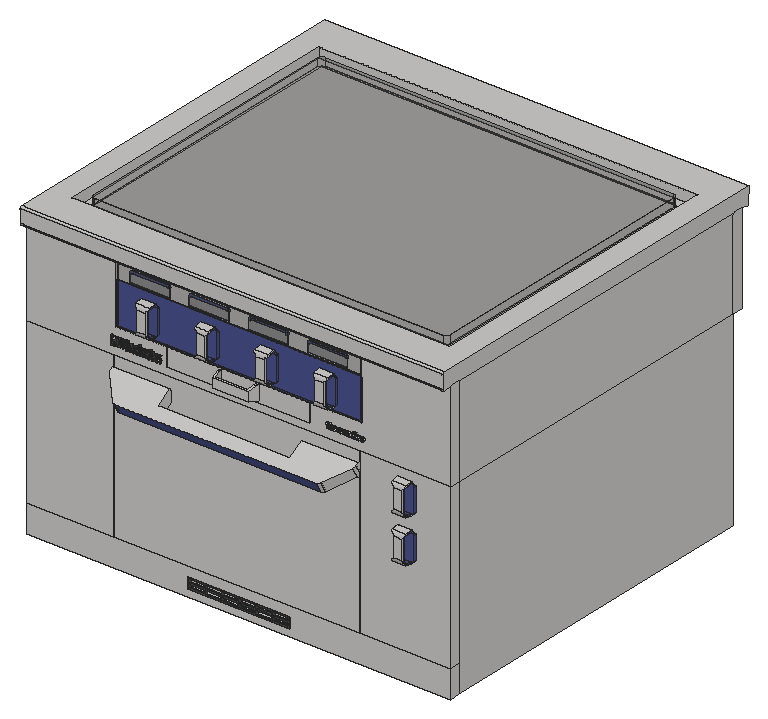
Revit family "QF_ELECTROLUXPROFESSIONAL_589652_MCLMEAJ8AO", category Attrezzature speciali, Revit 2020
Family settings
  Quota connettore circolare = Usa diametro
  Tipo di parte = Normale
  Basato su piano di lavoro = No
  Sempre verticale = Sì
  Taglio con vuoti quando caricato = No
  Condiviso = No
  Punto di calcolo locali = No
Parameters (values of type "Standard")
  Weight = 258.00 kg
  Watts = 21300 W
  Volts = 400 V
  URL Manufacturer = "https://www.electroluxprofessional.com/"
  URL = "https://www.electroluxprofessional.com/"
  Steam Supply Size = 0"
  Steam Supply Minimum Pressure = 0.00 psi
  Steam Supply Maximum Pressure = 0.00 psi
  Steam Consumption per Hour = 0
  Refrigeration Suction Line Size = 0 mm
  Refrigeration Liquid Line Size = 0 mm
  Refrigerant Compressor Remote = yes
  Prospetto di default = 0 mm
  Phase = 3
  Modello = "MCLMEAJ8AO"
  Produttore = "Electrolux Professional"
  Length Actual = 1000 mm  # constant formula
  Item Number = "589652"
  Hot Water Size = 0"
  Height Actual = 700 mm  # constant formula
  HP = "28.6 HP"
  Gas Size = 0"
  Gas KW = 0
  Gas Input Pressure = 0.0 Btu/h
  Direct Waste Size = 0"
  Descrizione = "EL.SOLID T,ECO,ST.OV,1S,1000X900X700H"
  Depth Actual = 900 mm  # constant formula
  Cycle = 50 Hz
  Condensate Return Size = 0"
  Compressed Air Volume = 0 GPM
  Compressed Air Size = 0"
  Compressed Air Pressure = 0.00 psi
  Cold Water Size = 0"
  Accessory = yes
Reference planes
  plane 1 "BACK": y = 0
  plane 2: z = 0
  plane 3 "LEFT": x = -100
  plane 4 "RIGHT": x = 900
  plane 5 "FRONT": y = -900
  plane 6 "TOP": z = 900
  plane 7 "Center (Left/Right)": x = 400
  plane 8: y = -450
  plane 9: z = 200
  plane 10: y = -150
  plane 11 "Panel": y = -855
  plane 12: z = 798
  plane 13: z = 1327
  plane 14: x = -22
  plane 15: x = 822
  plane 16: y = -150
  plane 17: y = -650
  plane 18 "EIx": x = 855
  plane 19 "EIy": y = -685
  plane 20: y = -880
Forms (mm)
  Extrusion 1, solid, material "QF_Finishes_Stainless Steel"
    sketch origin (-178.969, -4572, 200) x (-1, 0, 0) y (0, -1, 0)
      loop
        line (-78.969, -4527) -> (-78.969, -3717) -> (-1078.969, -3717) -> (-1078.969, -4527) -> (-78.969, -4527)
    from 450 to 663
  Extrusion 2, solid, material "QF_Finishes_Stainless Steel"
    sketch origin (-100, 0, 0) x (0, 1, 0) y (0, 0, 1)
      loop
        line (-855, 200) -> (-855, 265) -> (-880, 265) -> (-880, 200) -> (-855, 200)
    from 0 to 1000
  Extrusion 3, solid, material "QF_Finishes_Stainless Steel"
    sketch origin (-488.969, -4662, 200) x (-1, 0, 0) y (0, -1, 0)
      loop
        circle (-1343.969, -3977) r 6.35
    from 0 to -11.851
  Extrusion 4, solid, material "QF_Finishes_Stainless Steel"
    sketch origin (400, 296.4, 1219.2) x (0, 1, 0) y (0, 0, 1)
      loop
        line (-296.4, -319.2) -> (-1191.4, -319.2)
        arc (-1191.4, -319.2) -> (-1194.935, -320.664) -> (-1196.4, -324.2) r 5
        line (-1196.4, -324.2) -> (-1196.4, -355.2)
        arc (-1196.4, -355.2) -> (-1194.971, -358.264) -> (-1191.705, -359.139) r 4
        line (-1191.705, -359.139) -> (-1176.4, -356.231) -> (-316.4, -356.231) -> (-301.094, -359.139)
        arc (-301.094, -359.139) -> (-297.829, -358.264) -> (-296.4, -355.2) r 4
        line (-296.4, -355.2) -> (-296.4, -319.2)
    from -500 to 500
  Extrusion 5, solid, material "QF_Finishes_Electrolux_Black Smoke Iluminated"
    sketch origin (0, 0, 900) x (-1, 0, 0) y (0, -1, 0)
      loop
        arc (12, 109) -> (19.071, 111.929) -> (22, 119) r 10
        line (22, 119) -> (22, 780)
        arc (22, 780) -> (19.071, 787.071) -> (12, 790) r 10
        line (12, 790) -> (-812, 790)
        arc (-812, 790) -> (-819.071, 787.071) -> (-822, 780) r 10
        line (-822, 780) -> (-822, 119)
        arc (-822, 119) -> (-819.071, 111.929) -> (-812, 109) r 10
        line (-812, 109) -> (12, 109)
    from 0 to -20
  Extrusion 6, solid, material "QF_Finishes_Stainless Steel"
    sketch origin (-178.969, -4572, 200) x (-1, 0, 0) y (0, -1, 0)
      loop
        line (-78.969, -4527) -> (-78.969, -3717) -> (-1078.969, -3717) -> (-1078.969, -4527) -> (-78.969, -4527)
    from 450 to 0
  Extrusion 7, void
    sketch origin (0, -855, 0) x (-1, 0, 0) y (0, 0, 1)
      loop
        line (-520, 216.594) -> (-280, 216.594) -> (-280, 241.594) -> (-520, 241.594) -> (-520, 216.594)
    from 0 to -25
  Extrusion 8, solid, material "QF_Finishes_Black"
    sketch origin (0, -855, 0) x (-1, 0, 0) y (0, 0, 1)
      loop
        line (-280, 241.594) -> (-520, 241.594) -> (-520, 216.594) -> (-280, 216.594) -> (-280, 241.594)
      loop
        line (-282, 239.594) -> (-319.131, 239.594) -> (-319.131, 230.094) -> (-282, 230.094) -> (-282, 239.594)
      loop
        line (-282, 218.594) -> (-282, 228.094) -> (-319.131, 228.094) -> (-319.131, 218.594) -> (-282, 218.594)
      loop
        line (-321.131, 239.594) -> (-359.066, 239.594) -> (-359.066, 230.094) -> (-321.131, 230.094) -> (-321.131, 239.594)
      loop
        line (-399, 239.594) -> (-399, 230.094) -> (-361.066, 230.094) -> (-361.066, 239.594) -> (-399, 239.594)
      loop
        line (-401, 239.594) -> (-438.934, 239.594) -> (-438.934, 230.094) -> (-401, 230.094) -> (-401, 239.594)
      loop
        line (-359.066, 218.594) -> (-321.131, 218.594) -> (-321.131, 228.094) -> (-359.066, 228.094) -> (-359.066, 218.594)
      loop
        line (-361.066, 218.594) -> (-361.066, 228.094) -> (-399, 228.094) -> (-399, 218.594) -> (-361.066, 218.594)
      loop
        line (-401, 228.094) -> (-438.934, 228.094) -> (-438.934, 218.594) -> (-401, 218.594) -> (-401, 228.094)
      loop
        line (-518, 239.594) -> (-518, 230.094) -> (-480.869, 230.094) -> (-480.869, 239.594) -> (-518, 239.594)
      loop
        line (-518, 218.594) -> (-480.869, 218.594) -> (-480.869, 228.094) -> (-518, 228.094) -> (-518, 218.594)
      loop
        line (-478.869, 239.594) -> (-478.869, 230.094) -> (-440.934, 230.094) -> (-440.934, 239.594) -> (-478.869, 239.594)
      loop
        line (-440.934, 218.594) -> (-440.934, 228.094) -> (-478.869, 228.094) -> (-478.869, 218.594) -> (-440.934, 218.594)
    from -25.03 to -20
  Extrusion 9, void
    sketch origin (0, 0, 900) x (-1, 0, 0) y (0, -1, 0)
      loop
        line (47, 815) -> (-847, 815) -> (-847, 84) -> (47, 84) -> (47, 815)
    from 0 to -25
  Extrusion 10, solid, material "QF_Finishes_Stainless Steel"
    sketch origin (0, 0, 900) x (-1, 0, 0) y (0, -1, 0)
      loop
        line (18, 113) -> (18, 786) -> (-818, 786) -> (-818, 113) -> (18, 113)
    from -20 to -25
  Extrusion 11, solid, material "QF_Finishes_Stainless Steel"
    sketch origin (400, 296.4, 1219.169) x (0, 1, 0) y (0, 0, 1)
      loop
        line (-341.4, -356.2) -> (-341.4, -569.2) -> (-316.4, -569.2) -> (-316.4, -356.2) -> (-341.4, -356.2)
    from -500 to 500
Cuts and joins
  Extrusion 7 cuts Extrusion 6
  Extrusion 7 cuts Extrusion 2
  Extrusion 9 cuts Extrusion 4
Lines and regions (mm)
  symbolic lines
    curve 1: line (-100, 0, 200) -> (900, 0, 200)
    curve 2: line (-100, -900, 200) -> (-100, 0, 200)
    curve 3: line (900, -900, 200) -> (-100, -900, 200)
    curve 4: line (900, 0, 200) -> (900, -900, 200)
    curve 5: line (812, -109, 200) -> (-12, -109, 200)
    curve 6: line (-22, -119, 200) -> (-22, -780, 200)
    curve 7: line (-12, -790, 200) -> (812, -790, 200)
    curve 8: line (822, -780, 200) -> (822, -119, 200)
    curve 9: arc (-12, -109, 200) -> (-19.071, -111.929, 200) -> (-22, -119, 200) r 10
    curve 10: arc (822, -119, 200) -> (819.071, -111.929, 200) -> (812, -109, 200) r 10
    curve 11: arc (812, -790, 200) -> (819.071, -787.071, 200) -> (822, -780, 200) r 10
    curve 12: arc (-22, -780, 200) -> (-19.071, -787.071, 200) -> (-12, -790, 200) r 10
    curve 13: line (847, -84, 900) -> (-47, -84, 900)
    curve 14: line (-47, -84, 900) -> (-47, -815, 900)
    curve 15: line (847, -815, 900) -> (847, -84, 900)
    curve 16: line (-47, -815, 900) -> (847, -815, 900)
  model lines, style "SpecialityEquipment"
    curve 17: arc (634, -211, 900) -> (580.967, -339.033, 900) -> (709, -286, 900) r 75
    curve 18: line (689, -286, 900) -> (729, -286, 900)
    curve 19: line (729, -286, 900) -> (709, -266, 900)
    curve 20: line (689, -286, 900) -> (709, -266, 900)
    curve 21: arc (166, -211, 900) -> (112.967, -339.033, 900) -> (241, -286, 900) r 75
    curve 22: line (221, -286, 900) -> (261, -286, 900)
    curve 23: line (261, -286, 900) -> (241, -266, 900)
    curve 24: line (221, -286, 900) -> (241, -266, 900)
    curve 25: arc (634, -539, 900) -> (580.967, -667.033, 900) -> (709, -614, 900) r 75
    curve 26: line (689, -614, 900) -> (729, -614, 900)
    curve 27: line (729, -614, 900) -> (709, -594, 900)
    curve 28: line (689, -614, 900) -> (709, -594, 900)
    curve 29: arc (166, -539, 900) -> (112.967, -667.033, 900) -> (241, -614, 900) r 75
    curve 30: line (221, -614, 900) -> (261, -614, 900)
    curve 31: line (261, -614, 900) -> (241, -594, 900)
    curve 32: line (221, -614, 900) -> (241, -594, 900)
Dimensions and locks
  plane 3 "LEFT" to plane 4 "RIGHT" = 1000 mm
  plane 5 "FRONT" to plane 1 "BACK" = 900 mm
  plane 3 "LEFT" to plane 7 "Center (Left/Right)" to plane 4 "RIGHT" = 500 mm, 500 mm
  equal spacing: plane 5 "FRONT", plane 8, plane 1 "BACK"
  plane 6 "TOP" to level = 900 mm  (x2)
  plane 9 to level = 200 mm
  plane 1 "BACK" to plane 10 to plane 11 "Panel" = 150 mm, 705 mm  (x2)
  plane 6 "TOP" to plane 9 to level = 700 mm, 200 mm
  plane 1 "BACK" to plane 5 "FRONT" = 900 mm
  plane 1 "BACK" to Extrusion 3 = 685 mm
  plane 12 to plane 9 = 598 mm
  plane 13 to plane 6 "TOP" = 427 mm
  plane 6 "TOP" to plane 12 = 102 mm
  plane 14 to plane 3 "LEFT" = 78 mm
  plane 15 to plane 4 "RIGHT" = 78 mm
  locked: plane 1 "BACK" to plane 16 at 150
  locked: plane 16 to plane 17 at 500
  plane 11 "Panel" to plane 5 "FRONT" = 45 mm
  plane 18 "EIx" to plane 4 "RIGHT" = 45 mm
  plane 19 "EIy" to plane 1 "BACK" = 685 mm
  locked: plane 11 "Panel" to plane 20 at 25
  aligned and locked: level to plane 2
  aligned and locked: Extrusion 2 to plane 4 "RIGHT"
  aligned and locked: cut or joined group of Extrusion 4, Extrusion 9 to plane 3 "LEFT"
  aligned and locked: cut or joined group of Extrusion 4, Extrusion 9 to plane 4 "RIGHT"
  aligned and locked: cut or joined group of Extrusion 6, Extrusion 7 to plane 4 "RIGHT"
  aligned and locked: cut or joined group of Extrusion 6, Extrusion 7 to plane 3 "LEFT"
  aligned and locked: nested 1 to plane 11 "Panel"
  aligned and locked: nested 4 to plane 11 "Panel"
  aligned and locked: Extrusion 1 to plane 11 "Panel"
  aligned and locked: plane 11 "Panel" to cut or joined group of Extrusion 2, Extrusion 7
  aligned and locked: nested 2 to plane 20
  aligned and locked: nested 3 to plane 20
  aligned and locked: Extrusion 11 to plane 4 "RIGHT"
  aligned and locked: Extrusion 1 to plane 3 "LEFT"
  aligned and locked: Extrusion 11 to plane 3 "LEFT"
  aligned and locked: Extrusion 1 to plane 4 "RIGHT"
  aligned and locked: plane 3 "LEFT" to nested 1
Automatic sketch dimensions
  Extrusion 1 sketch curve to plane 4 "RIGHT" = 0 mm
  Extrusion 1 sketch curve to plane 3 "LEFT" = 0 mm
  Extrusion 1 sketch curve to plane 11 "Panel" = 0 mm
  plane 1 "BACK" to Extrusion 1 sketch curve = 45 mm
  Extrusion 2 sketch curve to plane 9 = 0 mm
  Extrusion 2 sketch curve to plane 20 = 0 mm
  Extrusion 2 sketch curve to plane 11 "Panel" = 0 mm
  plane 9 to Extrusion 2 sketch curve = 65 mm
  plane 1 "BACK" to curve 1 = 0 mm
  curve 1 to plane 4 "RIGHT" = 0 mm
  curve 8 to plane 15 = 0 mm
  curve 6 to plane 14 = 0 mm
  curve 2 to plane 3 "LEFT" = 0 mm
  plane 5 "FRONT" to curve 3 = 0 mm
  plane 15 to curve 5 = 10 mm
  plane 15 to curve 11 = 10 mm
  curve 5 to plane 14 = 10 mm
  curve 12 to curve 12 = 10 mm
  plane 10 to curve 5 = 41 mm
  plane 11 "Panel" to curve 11 = 75 mm
  Extrusion 3 sketch curve to plane 18 "EIx" = 0 mm
  Extrusion 3 sketch curve to plane 19 "EIy" = 0 mm
  Extrusion 4 sketch curve to plane 5 "FRONT" = 0 mm
  Extrusion 4 sketch curve to plane 6 "TOP" = 0 mm
  Extrusion 4 sketch curve to plane 20 = 0 mm
  Extrusion 4 sketch curve to plane 1 "BACK" = 0 mm
  Extrusion 4 sketch curve to Extrusion 4 sketch curve = 4 mm
  Extrusion 4 sketch curve to Extrusion 4 sketch curve = 0.695 mm
  Extrusion 4 sketch curve to plane 5 "FRONT" = 5 mm
  plane 1 "BACK" to Extrusion 4 sketch curve = 20 mm
  plane 1 "BACK" to Extrusion 4 sketch curve = 4.695 mm
  plane 1 "BACK" to Extrusion 4 sketch curve = 4 mm
  Extrusion 4 sketch curve to Extrusion 4 sketch curve = 31 mm
  Extrusion 4 sketch curve to Extrusion 4 sketch curve = 36 mm
  Extrusion 4 sketch curve to Extrusion 4 sketch curve = 2.909 mm
  Extrusion 5 sketch curve to plane 15 = 0 mm
  Extrusion 5 sketch curve to plane 14 = 0 mm
  plane 15 to Extrusion 5 sketch curve = 10 mm  (x2)
  Extrusion 5 sketch curve to Extrusion 5 sketch curve = 10 mm  (x2)
  plane 10 to Extrusion 5 sketch curve = 41 mm
  plane 11 "Panel" to Extrusion 5 sketch curve = 75 mm
  Extrusion 6 sketch curve to plane 4 "RIGHT" = 0 mm
  Extrusion 6 sketch curve to plane 3 "LEFT" = 0 mm
  Extrusion 6 sketch curve to plane 11 "Panel" = 0 mm
  plane 1 "BACK" to Extrusion 6 sketch curve = 45 mm
  plane 9 to Extrusion 7 sketch curve = 41.594 mm
  plane 7 "Center (Left/Right)" to Extrusion 7 sketch curve = 120 mm
  Extrusion 7 sketch curve to plane 7 "Center (Left/Right)" = 120 mm
  plane 9 to Extrusion 7 sketch curve = 16.594 mm
  plane 9 to Extrusion 8 sketch curve = 41.594 mm
  plane 7 "Center (Left/Right)" to Extrusion 8 sketch curve = 120 mm
  Extrusion 8 sketch curve to Extrusion 8 sketch curve = 2 mm  (x15)
  Extrusion 8 sketch curve to Extrusion 8 sketch curve = 0 mm  (x16)
  Extrusion 8 sketch curve to Extrusion 8 sketch curve = 37.131 mm  (x2)
  Extrusion 8 sketch curve to Extrusion 8 sketch curve = 37.934 mm  (x3)
  plane 7 "Center (Left/Right)" to Extrusion 8 sketch curve = 1 mm  (x2)
  Extrusion 8 sketch curve to plane 7 "Center (Left/Right)" = 1 mm  (x2)
  plane 9 to Extrusion 8 sketch curve = 18.594 mm  (x4)
  Extrusion 8 sketch curve to Extrusion 8 sketch curve = 9.5 mm  (x6)
  plane 18 "EIx" to Extrusion 9 sketch curve = 8 mm
  plane 14 to Extrusion 9 sketch curve = 25 mm
  plane 10 to Extrusion 9 sketch curve = 66 mm
  plane 11 "Panel" to Extrusion 9 sketch curve = 40 mm
  plane 15 to Extrusion 10 sketch curve = 4 mm
  Extrusion 10 sketch curve to plane 14 = 4 mm
  plane 10 to Extrusion 10 sketch curve = 37 mm
  plane 11 "Panel" to Extrusion 10 sketch curve = 69 mm
  plane 18 "EIx" to curve 16 = 8 mm
  plane 15 to curve 19 = 93 mm
  curve 27 to plane 17 = 36 mm
  plane 15 to curve 27 = 93 mm
  curve 26 to curve 27 = 20 mm
  curve 18 to curve 20 = 20 mm
  curve 19 to curve 20 = 20 mm
  curve 28 to curve 26 = 20 mm
  curve 18 to curve 17 = 55 mm
  curve 26 to curve 25 = 55 mm
  curve 31 to plane 17 = 36 mm
  curve 31 to plane 7 "Center (Left/Right)" = 139 mm
  curve 23 to plane 7 "Center (Left/Right)" = 139 mm
  curve 22 to curve 24 = 20 mm
  curve 30 to curve 31 = 20 mm
  curve 32 to curve 32 = 20 mm
  curve 23 to curve 24 = 20 mm
  curve 22 to curve 21 = 55 mm
  curve 30 to curve 29 = 55 mm
  plane 14 to curve 14 = 25 mm
  curve 22 to plane 10 = 136 mm
  curve 18 to plane 10 = 136 mm
  plane 10 to curve 13 = 66 mm
  plane 11 "Panel" to curve 15 = 40 mm
  curve 25 to curve 26 = 20 mm
  curve 17 to curve 18 = 20 mm
  curve 29 to curve 30 = 20 mm
  curve 21 to curve 22 = 20 mm
  plane 1 "BACK" to Extrusion 11 sketch curve = 45 mm
  plane 1 "BACK" to Extrusion 11 sketch curve = 20 mm
  Extrusion 11 sketch curve to plane 12 = 148.031 mm
  Extrusion 11 sketch curve to plane 6 "TOP" = 37.031 mm
  radius of Extrusion 3 sketch curve = 6.35 mm
Nested families
  nested 1: "Door_Panel_W1000_A" at (400, -855, 0), type "Door_Panel_W1000_A"
  nested 2: "FIT Range Control Handle" at (795, -883.137, -372.751), type "FIT Range Control Handle"
  nested 3: "FIT Range Control Handle" at (795, -883.137, -474.751), type "FIT Range Control Handle"
  nested 4: "Front_Panel_W1000_Four Knobs" at (102.376, -855, 0), type "Front_Panel_W1000_Four Knobs"
Connectors
  electrical at (855, -685, 188.149)
    settings: on Extrusion 3, index 1, voltage 400 V, apparent load 33000 VA, apparent load phase1 0 VA, apparent load phase2 0 VA, apparent load phase3 0 VA, power factor 1, load classification "Other", number of poles 1, system type 30, power factor state 1, is connector primary yes, connector utility no, sub classification motor no, connector description "ELECTRICAL CONNECTION"
Definition of nested family "Door_Panel_W1000_A"
  Parameters
    Default Elevation = 0 mm
  Reference planes
    plane 1 "Center (Front/Back)": y = 0
    plane 2 "Ref. Level": z = 0
    plane 3: x = 500
    plane 4: x = -500
    plane 5 "Center (Left/Right)": x = 0
    plane 6: x = -295
    plane 7: x = 285
    plane 8 "Manopola": through (-6096, -50.059, 612.389) normal (0, -0.515, 0.8572)
    plane 9 "Top": z = 650
    plane 10: z = 265
    plane 11: z = 200
  Forms (mm)
    Extrusion 1, solid
      sketch origin (0, 0, 0) x (0, 1, 0) y (0, 0, 1)
        loop
          line (-25.03, 650) -> (-25.03, 265) -> (0, 265) -> (0, 650) -> (-25.03, 650)
      from 285 to 500
    Extrusion 2, solid
      sketch origin (0, 0, 0) x (0, 1, 0) y (0, 0, 1)
        loop
          line (-25.03, 650) -> (-25.03, 265) -> (0, 265) -> (0, 650) -> (-25.03, 650)
      from -500 to -295
    Extrusion 3, solid
      sketch origin (0, 0, 0) x (0, 1, 0) y (0, 0, 1)
        loop
          line (-25.03, 650) -> (-25.03, 265) -> (0, 265) -> (0, 650) -> (-25.03, 650)
      from -295 to 285
    Extrusion 4, solid
      sketch origin (0, -283.633, 472.044) x (0, 0.857167, 0.515038) y (-1, 0, 0)
        loop
          line (299.12, -285) -> (299.12, 295) -> (290.982, 295)
          arc (290.982, 295) -> (286.677, 294.026) -> (283.211, 291.293) r 10
          line (283.211, 291.293) -> (233.28, 250.86)
          arc (233.28, 250.86) -> (230.548, 247.394) -> (229.574, 243.089) r 10
          line (229.574, 243.089) -> (229.574, -233.089)
          arc (229.574, -233.089) -> (230.548, -237.394) -> (233.28, -240.86) r 10
          line (233.28, -240.86) -> (283.211, -281.293)
          arc (283.211, -281.293) -> (286.677, -284.026) -> (290.982, -285) r 10
          line (290.982, -285) -> (299.12, -285)
      from -27 to 0
    Extrusion 5, void
      sketch origin (0, 0, 0) x (0, 1, 0) y (0, 0, 1)
        loop
          line (-61.514, 605.507) -> (-47.608, 582.363) -> (-25.03, 595.93) -> (-25.03, 627.429) -> (-61.514, 605.507)
      from -160 to 150
    Extrusion 6, solid, detail levels coarse
      sketch origin (0, 0, 0) x (0, 1, 0) y (0, 0, 1)
        loop
          line (-25.03, 265) -> (-25.03, 650)
          arc (-25.03, 650) -> (-297.266, 537.236) -> (-410.03, 265) r 385
          line (-410.03, 265) -> (-25.03, 265)
      from -295 to 285
  Cuts and joins
    Extrusion 5 cuts Extrusion 4
    joined: Extrusion 3, Extrusion 4
  Lines and regions (mm)
    symbolic lines
      curve 1: line (-287.355, -45.043, 0) -> (-250.86, -83.673, 0)
      curve 2: line (-243.089, -86.85, 0) -> (233.089, -86.85, 0)
      curve 3: line (240.86, -83.673, 0) -> (277.355, -45.043, 0)
      curve 4: arc (-243.089, -86.85, 0) -> (-247.318, -86.101, 0) -> (-250.86, -83.673, 0) r 10.165
      curve 5: arc (233.089, -86.85, 0) -> (237.318, -86.101, 0) -> (240.86, -83.673, 0) r 10.165
      curve 6: line (-295, -45.043, 0) -> (-295, -410.03, 0)
      curve 7: line (-295, -410.03, 0) -> (285, -410.03, 0)
      curve 8: line (285, -410.03, 0) -> (285, -45.03, 0)
  Dimensions and locks
    plane 3 to plane 4 = 1000 mm
    plane 4 to plane 3 = 1000 mm
    equal spacing: plane 3, plane 5 "Center (Left/Right)", plane 4
    plane 6 to plane 4 = 205 mm
    plane 3 to plane 7 = 215 mm
    plane 11 to level = 200 mm
    plane 10 to plane 11 = 65 mm
    plane 10 to plane 9 "Top" = 385 mm
    plane 9 "Top" to plane 11 = 450 mm
    aligned and locked: plane 3 to Extrusion 1
    aligned and locked: cut or joined group of Extrusion 3, Extrusion 4, Extrusion 5 to plane 6
    aligned and locked: cut or joined group of Extrusion 3, Extrusion 4, Extrusion 5 to plane 7
    aligned and locked: plane 7 to Extrusion 1
    aligned and locked: plane 6 to Extrusion 2
    aligned and locked: Extrusion 2 to plane 4
    aligned and locked: plane 10 to Extrusion 2
    aligned and locked: plane 10 to cut or joined group of Extrusion 3, Extrusion 4, Extrusion 5
    aligned and locked: plane 10 to Extrusion 1
    aligned and locked: Extrusion 6 to plane 6
    aligned and locked: Extrusion 6 to plane 7
  Automatic sketch dimensions
    Extrusion 5 sketch curve to plane 8 "Manopola" = 0 mm  (x2)
    plane 1 "Center (Front/Back)" to Extrusion 5 sketch curve = 61.514 mm
    Extrusion 5 sketch curve to Extrusion 5 sketch curve = 13.906 mm
    plane 1 "Center (Front/Back)" to Extrusion 5 sketch curve = 25.03 mm
    Extrusion 4 sketch curve to plane 7 = 0 mm
    Extrusion 4 sketch curve to plane 6 = 0 mm
    plane 6 to Extrusion 4 sketch curve = 51.911 mm
    plane 7 to Extrusion 4 sketch curve = 44.14 mm
    Extrusion 4 sketch curve to Extrusion 4 sketch curve = 3.707 mm  (x2)
    plane 6 to Extrusion 4 sketch curve = 44.14 mm
    plane 7 to Extrusion 4 sketch curve = 3.707 mm
    Extrusion 4 sketch curve to Extrusion 4 sketch curve = 49.93 mm  (x2)
    plane 6 to Extrusion 4 sketch curve = 3.707 mm
    Extrusion 4 sketch curve to Extrusion 4 sketch curve = 7.771 mm  (x3)
    Extrusion 4 sketch curve to Extrusion 4 sketch curve = 8.138 mm
    Extrusion 2 sketch curve to plane 1 "Center (Front/Back)" = 0 mm
    Extrusion 3 sketch curve to plane 1 "Center (Front/Back)" = 0 mm
    Extrusion 1 sketch curve to plane 1 "Center (Front/Back)" = 0 mm
    Extrusion 2 sketch curve to plane 9 "Top" = 0 mm
    Extrusion 2 sketch curve to Extrusion 2 sketch curve = 25.03 mm
    Extrusion 3 sketch curve to plane 9 "Top" = 0 mm
    Extrusion 3 sketch curve to Extrusion 3 sketch curve = 25.03 mm
    Extrusion 1 sketch curve to plane 9 "Top" = 0 mm
    plane 1 "Center (Front/Back)" to Extrusion 1 sketch curve = 25.03 mm
    level to Extrusion 1 sketch curve = 265 mm
    level to Extrusion 2 sketch curve = 265 mm
    level to Extrusion 3 sketch curve = 265 mm
    plane 10 to Extrusion 6 sketch curve = 0 mm
    Extrusion 6 sketch curve to plane 9 "Top" = 0 mm
    plane 1 "Center (Front/Back)" to Extrusion 6 sketch curve = 25.03 mm
    curve 7 to plane 7 = 0 mm
    plane 6 to curve 1 = 44.14 mm
    curve 4 to curve 4 = 7.389 mm
    curve 4 to curve 2 = 7.771 mm
    plane 7 to curve 2 = 51.911 mm
    curve 2 to curve 5 = 0.382 mm
    curve 2 to curve 3 = 7.771 mm
    plane 1 "Center (Front/Back)" to curve 6 = 410.03 mm
    plane 1 "Center (Front/Back)" to curve 2 = 86.85 mm
    curve 2 to curve 3 = 3.177 mm
    curve 2 to curve 1 = 3.177 mm
    plane 7 to curve 3 = 7.645 mm
    plane 1 "Center (Front/Back)" to curve 3 = 45.043 mm
    curve 3 to curve 8 = 0.013 mm
    curve 7 to plane 6 = 0 mm
    curve 6 to curve 1 = 7.645 mm
    plane 1 "Center (Front/Back)" to curve 1 = 45.043 mm
    curve 6 to curve 1 = 0 mm
Definition of nested family "FIT Range Control Handle"
  Parameters
    Default Elevation = 0 mm
  Reference planes
    plane 1 "Center (Front/Back)": y = 0
    plane 2: z = 0
    plane 3 "Center (Left/Right)": x = 0
    plane 4: z = 971.092
    plane 5: y = -16.8
  Forms (mm)
    Extrusion 1, solid
      sketch origin (-746.28, 380.497, 208.931) x (-1, 0, 0) y (0, 0, 1)
        loop
          line (-770.101, 786.798) -> (-770.101, 731.649)
          arc (-770.101, 731.649) -> (-769.759, 730.563) -> (-768.855, 729.87) r 1.893
          line (-768.855, 729.87) -> (-763.474, 727.911) -> (-729.81, 727.911) -> (-724.428, 729.87)
          arc (-724.428, 729.87) -> (-723.525, 730.563) -> (-723.183, 731.649) r 1.893
          line (-723.183, 731.649) -> (-723.183, 786.798)
          arc (-723.183, 786.798) -> (-723.529, 787.894) -> (-724.44, 788.593) r 1.91
          line (-724.44, 788.593) -> (-729.683, 790.819) -> (-763.601, 790.819) -> (-768.844, 788.593)
          arc (-768.844, 788.593) -> (-769.755, 787.894) -> (-770.101, 786.798) r 1.91
      from -382.35 to -378.852
    Sweep 2, solid
      path origin (-746.788, 380.496, 208.091) x (0, -1, 0) y (0, 0, 1)
        loop
          line (379.775, 793.281) -> (395.661, 791.048)
          arc (395.661, 791.048) -> (397.781, 787.377) -> (398.517, 783.202) r 12.207
          line (398.517, 783.202) -> (398.517, 737.368)
          arc (398.517, 737.368) -> (397.781, 733.193) -> (395.661, 729.522) r 12.207
          line (395.661, 729.522) -> (379.775, 727.289)
      profile origin (-746.788, -7.222, 1000.256) x (0, -0.139173, 0.990268) y (-1, 0, 0)
        loop
          line (0.782, -763.123) -> (0.782, -730.907) -> (-1.322, -730.907) -> (-1.322, -763.123) -> (0.782, -763.123)
    Sweep 3, solid
      path origin (-746.788, 380.715, 207.832) x (0, -1, 0) y (0, 0, 1)
        loop
          line (380.478, 795.442) -> (397.218, 793.09)
          arc (397.218, 793.09) -> (399.929, 788.473) -> (400.871, 783.202) r 15.207
          line (400.871, 783.202) -> (400.871, 737.584)
          arc (400.871, 737.584) -> (399.914, 732.274) -> (397.164, 727.633) r 15.207
          line (397.164, 727.633) -> (380.601, 725.305)
      profile origin (-746.788, -8.132, 1002.099) x (0, -0.139173, 0.990268) y (-1, 0, 0)
        loop
          line (0.782, -763.123) -> (0.782, -730.907) -> (-1.322, -730.907) -> (-1.322, -763.123) -> (0.782, -763.123)
    Extrusion 4, void
      sketch origin (889.253, 220.666, 207.993) x (1, 0, 0) y (0, 0, 1)
        loop
          line (-943.038, 816.854) -> (-943.038, 703.686) -> (-899.466, 734.196) -> (-899.466, 786.344) -> (-943.038, 816.854)
      from 230.636 to 242.25
    Extrusion 5, void
      sketch origin (-888.8, 220.666, 207.993) x (-1, 0, 0) y (0, 0, -1)
        loop
          line (-943.038, -816.854) -> (-899.466, -786.344) -> (-899.466, -734.196) -> (-943.038, -703.686) -> (-943.038, -816.854)
      from 230.636 to 242.25
    Extrusion 6, solid
      sketch origin (0, 0, 0) x (1, 0, 0) y (0, 0, 1)
        loop
          circle (0, 971.092) r 7.736
      from -3.137 to -1.645
  Cuts and joins
    Extrusion 4, Extrusion 5 cuts Sweep 3
    Extrusion 4, Extrusion 5 cuts Sweep 2
    joined: Extrusion 1, Extrusion 6
  Lines and regions (mm)
    symbolic lines
      curve 1: line (-15.881, -19.189, 0) -> (-15.881, -16.8, 0)
      curve 2: line (16.334, -19.189, 0) -> (16.334, -16.8, 0)
      curve 3: spline (-15.881, -19.189, 0) -> (-15.417, -19.349, 0) -> (-14.951, -19.501, 0) -> (-14.483, -19.646, 0) -> (-14.014, -19.783, 0) -> (-13.543, -19.912, 0) -> (-13.071, -20.033, 0) -> (-12.597, -20.146, 0) -> (-12.122, -20.251, 0) -> (-11.646, -20.349, 0) -> (-11.169, -20.438, 0) -> (-10.691, -20.52, 0) -> (-10.213, -20.593, 0)
      curve 4: spline (10.666, -20.593, 0) -> (11.144, -20.52, 0) -> (11.622, -20.438, 0) -> (12.099, -20.349, 0) -> (12.575, -20.251, 0) -> (13.05, -20.146, 0) -> (13.524, -20.033, 0) -> (13.996, -19.912, 0) -> (14.467, -19.783, 0) -> (14.936, -19.646, 0) -> (15.404, -19.501, 0) -> (15.87, -19.349, 0) -> (16.334, -19.189, 0)
      curve 5: line (-10.213, -20.938, 0) -> (10.716, -20.938, 0)
  Dimensions and locks
    cut or joined group of Sweep 3, Extrusion 4, Extrusion 5 to cut or joined group of Sweep 3, Extrusion 4, Extrusion 5 = 71.686 mm
Definition of nested family "Front_Panel_W1000_Four Knobs"
  Parameters
    Default Elevation = 0 mm
  Reference planes
    plane 1 "Center (Front/Back)": y = 0
    plane 2: z = 0
    plane 3 "Center (Left/Right)": x = 297.624
    plane 4 "Left": x = -202.376
    plane 5 "Right": x = 797.624
    plane 6: y = -45
    plane 7: x = 87.624
    plane 8: x = 227.624
    plane 9: y = -310
    plane 10: y = -25
    plane 11: x = -2.376
    plane 12: x = 367.624
    plane 13: x = 507.624
    plane 14: x = 594.715
  Forms (mm)
    Extrusion 1, solid
      sketch origin (833.217, 829.203, -1.25) x (0, 1, 0) y (0, 0, 1)
        loop
          line (-854.203, 651.25) -> (-829.203, 651.25) -> (-829.203, 864.25) -> (-854.203, 864.25) -> (-854.203, 651.25)
      from -1035.593 to -35.593
    Extrusion 2, void
      sketch origin (0, 0, 0) x (1, 0, 0) y (0, 0, 1)
        loop
          line (7.624, 853.866) -> (7.624, 711.866) -> (587.624, 711.866) -> (587.624, 853.866) -> (7.624, 853.866)
      from 19.387 to 33.951
    Extrusion 3, void
      sketch origin (0, 0, 0) x (1, 0, 0) y (0, 0, 1)
        loop
          line (128.624, 711.866) -> (128.624, 668.866) -> (466.624, 668.866) -> (466.624, 711.866) -> (128.624, 711.866)
      from 19.387 to 25
    Extrusion 4, solid
      sketch origin (150, 0, 1) x (1, 0, 0) y (0, 0, 1)
        loop
          line (-21.376, 710.866) -> (-21.376, 667.866) -> (316.624, 667.866) -> (316.624, 710.866) -> (-21.376, 710.866)
      from 19.387 to 25
    Extrusion 5, solid
      sketch origin (150, 0, 1) x (1, 0, 0) y (0, 1, 0)
        loop
          line (106.059, -25) -> (100.966, -25) -> (105.646, -49.075) -> (189.603, -49.075) -> (194.283, -25) -> (189.189, -25) -> (185.481, -44.075) -> (109.767, -44.075) -> (106.059, -25)
      from 672.593 to 705.67
    Extrusion 6, void
      sketch origin (297.624, 0, 1) x (0, 1, 0) y (0, 0, 1)
        loop
          line (-30, 705.67) -> (-30, 710.67) -> (-56.744, 710.67) -> (-56.744, 667.593) -> (-30, 667.593) -> (-30, 672.593) -> (-53.776, 680.318) -> (-53.776, 697.945) -> (-30, 705.67)
      from -50 to 50
    Extrusion 7, solid, detail levels coarse
      sketch origin (150, -265, 1) x (1, 0, 0) y (0, 1, 0)
        loop
          line (106.164, -71.744) -> (189.084, -71.744) -> (194.283, -45) -> (316.624, -45) -> (316.624, 240) -> (-21.376, 240) -> (-21.376, -45) -> (100.966, -45) -> (106.164, -71.744)
      from 672.593 to 705.67
    Extrusion 8, void
      sketch origin (297.624, -280, 1) x (0, 1, 0) y (0, 0, 1)
        loop
          line (-30, 705.67) -> (-30, 710.67) -> (-56.744, 710.67) -> (-56.744, 667.593) -> (-30, 667.593) -> (-30, 672.593) -> (-53.776, 680.318) -> (-53.776, 697.945) -> (-30, 705.67)
      from -50 to 50
  Cuts and joins
    Extrusion 2, Extrusion 3 cuts Extrusion 1
    Extrusion 6 cuts Extrusion 5
    Extrusion 6, Extrusion 8 cuts Extrusion 7
  Lines and regions (mm)
    symbolic lines
      curve 1: line (128.624, -45, 0) -> (128.624, -310, 0)
      curve 2: line (128.624, -310, 0) -> (466.624, -310, 0)
      curve 3: line (466.624, -310, 0) -> (466.624, -45, 0)
      curve 4: line (128.624, -300, 0) -> (466.624, -300, 0)
      curve 5: line (250.908, -309.701, 0) -> (255.587, -333.776, 0)
      curve 6: line (255.587, -333.776, 0) -> (339.545, -333.776, 0)
      curve 7: line (339.545, -333.776, 0) -> (344.225, -309.701, 0)
      curve 8: line (256.001, -309.701, 0) -> (259.709, -328.776, 0)
      curve 9: line (259.709, -328.776, 0) -> (335.423, -328.776, 0)
      curve 10: line (335.423, -328.776, 0) -> (339.131, -309.701, 0)
  Dimensions and locks
    equal spacing: plane 5 "Right", plane 3 "Center (Left/Right)", plane 4 "Left"
    plane 5 "Right" to plane 4 "Left" = 1000 mm
    plane 3 "Center (Left/Right)" to plane 7 = 210 mm
    plane 3 "Center (Left/Right)" to plane 8 = 70 mm
    plane 6 to plane 9 = 265 mm
    plane 13 to plane 3 "Center (Left/Right)" = 210 mm
    plane 12 to plane 3 "Center (Left/Right)" = 70 mm
    aligned and locked: cut or joined group of Extrusion 1, Extrusion 2, Extrusion 3 to plane 4 "Left"
    aligned and locked: plane 5 "Right" to cut or joined group of Extrusion 1, Extrusion 2, Extrusion 3
    aligned and locked: plane 3 "Center (Left/Right)" to nested 2
    aligned and locked: cut or joined group of Extrusion 1, Extrusion 2, Extrusion 3 to nested 2
  Automatic sketch dimensions
    plane 7 to Extrusion 3 sketch curve = 41 mm
    plane 3 "Center (Left/Right)" to Extrusion 3 sketch curve = 169 mm
    level to Extrusion 3 sketch curve = 668.866 mm
    Extrusion 3 sketch curve to Extrusion 3 sketch curve = 43 mm
    Extrusion 1 sketch curve to plane 1 "Center (Front/Back)" = 0 mm
    level to Extrusion 1 sketch curve = 650 mm
    plane 4 "Left" to Extrusion 2 sketch curve = 210 mm
    Extrusion 2 sketch curve to plane 5 "Right" = 210 mm
    level to Extrusion 2 sketch curve = 711.866 mm
    Extrusion 2 sketch curve to Extrusion 2 sketch curve = 142 mm
    plane 6 to curve 1 = 0 mm
    plane 6 to curve 3 = 0 mm
    plane 9 to curve 1 = 0 mm
    plane 7 to curve 1 = 41 mm
    curve 1 to curve 4 = 10 mm
    Extrusion 1 sketch curve to plane 6 = 20 mm
    Extrusion 1 sketch curve to Extrusion 1 sketch curve = 213 mm
    plane 7 to Extrusion 4 sketch curve = 41 mm
    Extrusion 4 sketch curve to plane 13 = 41 mm
    level to Extrusion 4 sketch curve = 668.866 mm
    Extrusion 4 sketch curve to Extrusion 4 sketch curve = 43 mm
    plane 10 to Extrusion 5 sketch curve = 0 mm  (x2)
    plane 8 to Extrusion 5 sketch curve = 23.342 mm
    plane 6 to Extrusion 5 sketch curve = 4.075 mm
    Extrusion 5 sketch curve to Extrusion 5 sketch curve = 4.68 mm
    Extrusion 5 sketch curve to Extrusion 5 sketch curve = 5.094 mm  (x2)
    Extrusion 5 sketch curve to plane 6 = 0.925 mm
    Extrusion 5 sketch curve to Extrusion 5 sketch curve = 4.122 mm  (x2)
    Extrusion 5 sketch curve to plane 12 = 32.143 mm
    Extrusion 5 sketch curve to Extrusion 5 sketch curve = 3.708 mm
    plane 6 to Extrusion 6 sketch curve = 11.744 mm
    plane 6 to Extrusion 6 sketch curve = 8.776 mm
    plane 10 to Extrusion 6 sketch curve = 5 mm  (x2)
    level to Extrusion 6 sketch curve = 668.593 mm
    Extrusion 6 sketch curve to Extrusion 6 sketch curve = 5 mm
    Extrusion 6 sketch curve to Extrusion 6 sketch curve = 12.725 mm  (x2)
    Extrusion 6 sketch curve to Extrusion 6 sketch curve = 17.627 mm
    Extrusion 6 sketch curve to Extrusion 6 sketch curve = 7.725 mm
    plane 10 to Extrusion 7 sketch curve = 0 mm
    Extrusion 7 sketch curve to plane 9 = 0 mm  (x2)
    plane 7 to Extrusion 7 sketch curve = 41 mm
    plane 8 to Extrusion 7 sketch curve = 23.342 mm
    Extrusion 7 sketch curve to Extrusion 7 sketch curve = 5.199 mm
    Extrusion 7 sketch curve to plane 12 = 28.54 mm
    Extrusion 7 sketch curve to plane 12 = 23.342 mm
    Extrusion 7 sketch curve to plane 13 = 41 mm
    Extrusion 7 sketch curve to plane 9 = 26.744 mm
    Extrusion 8 sketch curve to plane 9 = 0 mm  (x2)
    Extrusion 8 sketch curve to plane 9 = 23.776 mm
    Extrusion 8 sketch curve to Extrusion 8 sketch curve = 2.968 mm
    level to Extrusion 8 sketch curve = 668.593 mm
    Extrusion 8 sketch curve to Extrusion 8 sketch curve = 5 mm
    Extrusion 8 sketch curve to Extrusion 8 sketch curve = 12.725 mm  (x2)
    Extrusion 8 sketch curve to Extrusion 8 sketch curve = 17.627 mm
    Extrusion 8 sketch curve to Extrusion 8 sketch curve = 7.725 mm
    curve 3 to plane 13 = 41 mm
    plane 9 to curve 5 = 0.299 mm
    plane 8 to curve 5 = 23.283 mm
    curve 5 to curve 5 = 4.68 mm
    plane 9 to curve 8 = 0.299 mm
    curve 5 to curve 8 = 5.094 mm
    curve 5 to curve 9 = 4.122 mm
    curve 9 to plane 12 = 32.201 mm
    plane 9 to curve 10 = 0.299 mm
    curve 9 to curve 10 = 3.708 mm
    curve 9 to curve 7 = 4.122 mm
    plane 9 to curve 7 = 0.299 mm
    curve 10 to curve 7 = 5.094 mm
    curve 9 to plane 9 = 18.776 mm
    curve 6 to curve 8 = 5 mm
  Nested families
    nested 1: "Range Control Handle" at (87.624, -28.137, -209.113) x (-1, 0, 0) z (0, 0, 1), type "Range Control Handle"
    nested 2: "Front glass control panel W1000" at (297.624, 280.644, 2.752), type "Front glass control panel W1000"
    nested 3: "Range Control Handle" at (227.624, -28.137, -209.113) x (-1, 0, 0) z (0, 0, 1), type "Range Control Handle"
    nested 4: "Range Control Handle" at (367.624, -28.137, -209.113), type "Range Control Handle"
    nested 5: "Range Control Handle" at (507.624, -28.137, -209.113), type "Range Control Handle"
    nested 6: "ELX_ThermaLine_Small" at (546.122, -25, 679.426) x (1, 0, 0) z (0, -1, 0), type "ELX_ThermaLine_Small"
      with Show Logo yes, Material_Logo none
    nested 7: "ELX_Professional_Logo_Small" at (57.11, -25, 681.659) x (1, 0, 0) z (0, -1, 0), type "ELX_Professional_Logo_Small"
      with Show Logo yes, Material_Logo none
  Definition of nested family "Range Control Handle"
    Parameters
      Default Elevation = 0 mm
    Reference planes
      plane 1 "Center (Front/Back)": y = 0
      plane 2: z = 0
      plane 3 "Center (Left/Right)": x = 0
      plane 4: z = 971.092
      plane 5: y = -16.9
    Forms (mm)
      Extrusion 1, solid
        sketch origin (-746.28, 380.497, 208.931) x (-1, 0, 0) y (0, 0, 1)
          loop
            line (-770.101, 786.798) -> (-770.101, 731.649)
            arc (-770.101, 731.649) -> (-769.759, 730.563) -> (-768.855, 729.87) r 1.893
            line (-768.855, 729.87) -> (-763.474, 727.911) -> (-729.81, 727.911) -> (-724.428, 729.87)
            arc (-724.428, 729.87) -> (-723.525, 730.563) -> (-723.183, 731.649) r 1.893
            line (-723.183, 731.649) -> (-723.183, 786.798)
            arc (-723.183, 786.798) -> (-723.529, 787.894) -> (-724.44, 788.593) r 1.91
            line (-724.44, 788.593) -> (-729.683, 790.819) -> (-763.601, 790.819) -> (-768.844, 788.593)
            arc (-768.844, 788.593) -> (-769.755, 787.894) -> (-770.101, 786.798) r 1.91
        from -382.35 to -378.852
      Sweep 2, solid
        path origin (-746.788, 380.496, 208.091) x (0, -1, 0) y (0, 0, 1)
          loop
            line (379.775, 793.281) -> (395.661, 791.048)
            arc (395.661, 791.048) -> (397.781, 787.377) -> (398.517, 783.202) r 12.207
            line (398.517, 783.202) -> (398.517, 737.368)
            arc (398.517, 737.368) -> (397.781, 733.193) -> (395.661, 729.522) r 12.207
            line (395.661, 729.522) -> (379.775, 727.289)
        profile origin (-746.788, -7.222, 1000.256) x (0, -0.139173, 0.990268) y (-1, 0, 0)
          loop
            line (0.782, -763.123) -> (0.782, -730.907) -> (-1.322, -730.907) -> (-1.322, -763.123) -> (0.782, -763.123)
      Sweep 3, solid
        path origin (-746.788, 380.715, 207.832) x (0, -1, 0) y (0, 0, 1)
          loop
            line (380.478, 795.442) -> (397.218, 793.09)
            arc (397.218, 793.09) -> (399.929, 788.473) -> (400.871, 783.202) r 15.207
            line (400.871, 783.202) -> (400.871, 737.584)
            arc (400.871, 737.584) -> (399.914, 732.274) -> (397.164, 727.633) r 15.207
            line (397.164, 727.633) -> (380.601, 725.305)
        profile origin (-746.788, -8.132, 1002.099) x (0, -0.139173, 0.990268) y (-1, 0, 0)
          loop
            line (0.782, -763.123) -> (0.782, -730.907) -> (-1.322, -730.907) -> (-1.322, -763.123) -> (0.782, -763.123)
      Extrusion 4, void
        sketch origin (889.253, 220.666, 207.993) x (1, 0, 0) y (0, 0, 1)
          loop
            line (-943.038, 816.854) -> (-943.038, 703.686) -> (-899.466, 734.196) -> (-899.466, 786.344) -> (-943.038, 816.854)
        from 230.636 to 242.25
      Extrusion 5, void
        sketch origin (-888.8, 220.666, 207.993) x (-1, 0, 0) y (0, 0, -1)
          loop
            line (-943.038, -816.854) -> (-899.466, -786.344) -> (-899.466, -734.196) -> (-943.038, -703.686) -> (-943.038, -816.854)
        from 230.636 to 242.25
      Extrusion 6, solid
        sketch origin (0, 0, 0) x (1, 0, 0) y (0, 0, 1)
          loop
            circle (0, 971.092) r 7.736
        from -3.137 to -1.645
    Cuts and joins
      Extrusion 4, Extrusion 5 cuts Sweep 3
      Extrusion 4, Extrusion 5 cuts Sweep 2
      joined: Extrusion 1, Extrusion 6
    Lines and regions (mm)
      symbolic lines
        curve 1: line (16.334, -16.9, 0) -> (16.334, -19.227, 0)
        curve 2: spline (16.334, -19.227, 0) -> (15.87, -19.385, 0) -> (15.404, -19.536, 0) -> (14.936, -19.678, 0) -> (14.466, -19.813, 0) -> (13.995, -19.94, 0) -> (13.523, -20.059, 0) -> (13.049, -20.171, 0) -> (12.575, -20.274, 0) -> (12.099, -20.37, 0) -> (11.622, -20.458, 0) -> (11.144, -20.537, 0) -> (10.666, -20.609, 0)
        curve 3: line (10.666, -16.9, 0) -> (10.666, -20.938, 0)
        curve 4: line (-10.213, -20.938, 0) -> (10.666, -20.938, 0)
        curve 5: line (-10.213, -20.938, 0) -> (-10.213, -16.9, 0)
        curve 6: spline (-10.213, -20.609, 0) -> (-10.691, -20.537, 0) -> (-11.169, -20.458, 0) -> (-11.646, -20.37, 0) -> (-12.122, -20.274, 0) -> (-12.597, -20.171, 0) -> (-13.07, -20.059, 0) -> (-13.542, -19.94, 0) -> (-14.013, -19.813, 0) -> (-14.483, -19.678, 0) -> (-14.951, -19.536, 0) -> (-15.417, -19.385, 0) -> (-15.881, -19.227, 0)
        curve 7: line (-15.881, -19.227, 0) -> (-15.881, -16.9, 0)
  Definition of nested family "Front glass control panel W1000"
    Parameters
      Default Elevation = 0 mm
    Reference planes
      plane 1 "Center (Front/Back)": y = 0
      plane 2: z = 0
      plane 3 "Center (Left/Right)": x = 0
    Forms (mm)
      Extrusion 1, solid
        sketch origin (378.286, 0, 0.617) x (1, 0, 0) y (0, 0, 1)
          loop
            line (-668.286, 806.791) -> (-668.286, 708.497) -> (-88.286, 708.497) -> (-88.286, 806.791) -> (-668.286, 806.791)
        from 300.031 to 304.8
      Extrusion 2, solid
        sketch origin (378.286, 0, 0.617) x (1, 0, 0) y (0, 0, 1)
          loop
            line (-668.286, 850.497) -> (-668.286, 806.791) -> (-88.286, 806.791) -> (-88.286, 850.497) -> (-668.286, 850.497)
        from 300.031 to 304.8
      Extrusion 3, void
        sketch origin (378.286, 0, 0.617) x (1, 0, 0) y (0, 0, 1)
          loop
            line (-665.628, 847.565) -> (-665.628, 710.699) -> (-91.196, 710.699) -> (-91.196, 847.565) -> (-665.628, 847.565)
        from 303.697 to 304.8
      Extrusion 4, solid
        sketch origin (-378.333, 1.101, -0.633) x (-1, 0, 0) y (0, 0, -1)
          loop
            line (-261.431, -812.62) -> (-355.186, -812.62) -> (-355.186, -834.177) -> (-350.269, -834.177) -> (-348.469, -835.977) -> (-268.039, -835.977) -> (-266.24, -834.177) -> (-261.431, -834.177) -> (-261.431, -812.62)
        from 304.798 to 306.745
      Extrusion 5, solid
        sketch origin (-378.333, 1.101, -0.633) x (-1, 0, 0) y (0, 0, -1)
          loop
            line (-350.269, -834.177) -> (-355.078, -834.177)
            arc (-355.078, -834.177) -> (-353.942, -838.747) -> (-349.686, -840.763) r 5.5
            line (-349.686, -840.763) -> (-266.98, -840.763)
            arc (-266.98, -840.763) -> (-262.706, -838.752) -> (-261.529, -834.177) r 5.549
            line (-261.529, -834.177) -> (-266.24, -834.177) -> (-268.039, -835.977) -> (-348.469, -835.977) -> (-350.269, -834.177)
        from 304.798 to 306.745
      Extrusion 6, solid
        sketch origin (-518.333, 1.101, -0.633) x (-1, 0, 0) y (0, 0, -1)
          loop
            line (-261.431, -812.62) -> (-355.186, -812.62) -> (-355.186, -834.177) -> (-350.269, -834.177) -> (-348.469, -835.977) -> (-268.039, -835.977) -> (-266.24, -834.177) -> (-261.431, -834.177) -> (-261.431, -812.62)
        from 304.798 to 306.745
      Extrusion 7, solid
        sketch origin (-518.333, 1.101, -0.633) x (-1, 0, 0) y (0, 0, -1)
          loop
            line (-350.269, -834.177) -> (-355.078, -834.177)
            arc (-355.078, -834.177) -> (-353.942, -838.747) -> (-349.686, -840.763) r 5.5
            line (-349.686, -840.763) -> (-266.98, -840.763)
            arc (-266.98, -840.763) -> (-262.706, -838.752) -> (-261.529, -834.177) r 5.549
            line (-261.529, -834.177) -> (-266.24, -834.177) -> (-268.039, -835.977) -> (-348.469, -835.977) -> (-350.269, -834.177)
        from 304.798 to 306.745
      Extrusion 8, solid
        sketch origin (378.333, 1.101, -0.633) x (1, 0, 0) y (0, 0, 1)
          loop
            line (-261.431, 812.62) -> (-261.431, 834.177) -> (-266.24, 834.177) -> (-268.039, 835.977) -> (-348.469, 835.977) -> (-350.269, 834.177) -> (-355.186, 834.177) -> (-355.186, 812.62) -> (-261.431, 812.62)
        from 304.798 to 306.745
      Extrusion 9, solid
        sketch origin (378.333, 1.101, -0.633) x (1, 0, 0) y (0, 0, 1)
          loop
            line (-350.269, 834.177) -> (-348.469, 835.977) -> (-268.039, 835.977) -> (-266.24, 834.177) -> (-261.529, 834.177)
            arc (-261.529, 834.177) -> (-262.706, 838.752) -> (-266.98, 840.763) r 5.549
            line (-266.98, 840.763) -> (-349.686, 840.763)
            arc (-349.686, 840.763) -> (-353.942, 838.747) -> (-355.078, 834.177) r 5.5
            line (-355.078, 834.177) -> (-350.269, 834.177)
        from 304.798 to 306.745
      Extrusion 10, solid
        sketch origin (518.333, 1.101, -0.633) x (1, 0, 0) y (0, 0, 1)
          loop
            line (-261.431, 812.62) -> (-261.431, 834.177) -> (-266.24, 834.177) -> (-268.039, 835.977) -> (-348.469, 835.977) -> (-350.269, 834.177) -> (-355.186, 834.177) -> (-355.186, 812.62) -> (-261.431, 812.62)
        from 304.798 to 306.745
      Extrusion 11, solid
        sketch origin (518.333, 1.101, -0.633) x (1, 0, 0) y (0, 0, 1)
          loop
            line (-350.269, 834.177) -> (-348.469, 835.977) -> (-268.039, 835.977) -> (-266.24, 834.177) -> (-261.529, 834.177)
            arc (-261.529, 834.177) -> (-262.706, 838.752) -> (-266.98, 840.763) r 5.549
            line (-266.98, 840.763) -> (-349.686, 840.763)
            arc (-349.686, 840.763) -> (-353.942, 838.747) -> (-355.078, 834.177) r 5.5
            line (-355.078, 834.177) -> (-350.269, 834.177)
        from 304.798 to 306.745
    Cuts and joins
      Extrusion 3 cuts Extrusion 1
      Extrusion 3 cuts Extrusion 2
    Dimensions and locks
      aligned and locked: Extrusion 1 to Extrusion 2
      aligned and locked: Extrusion 5 sketch curve to Extrusion 4  (x5)
      aligned and locked: Extrusion 5 to Extrusion 4
      aligned and locked: Extrusion 7 sketch curve to Extrusion 6  (x5)
      aligned and locked: Extrusion 7 to Extrusion 6
      aligned and locked: Extrusion 9 sketch curve to Extrusion 8  (x4)
      aligned and locked: Extrusion 8 to Extrusion 9 sketch curve
      aligned and locked: Extrusion 9 to Extrusion 8
      aligned and locked: Extrusion 11 sketch curve to Extrusion 10  (x4)
      aligned and locked: Extrusion 10 to Extrusion 11 sketch curve
      aligned and locked: Extrusion 11 to Extrusion 10
  Definition of nested family "ELX_ThermaLine_Small"
    Parameters
      Show Logo [instance] = yes
      Material_Logo [instance] = none
      Default Elevation = 0 mm
    Reference planes
      plane 1 "Centro (Fronte/Retro)": y = 0
      plane 2: z = 0
      plane 3 "Centro (Sinistra/Destra)": x = 0
    Forms (mm)
      Extrusion 1, solid
        sketch origin (0, 0, 0) x (1, 0, 0) y (0, 1, 0)
          loop
            line (-1219.2, 1219.2) -> (-1219.2, -1219.2) -> (1219.2, -1219.2) -> (1219.2, 1219.2) -> (-1219.2, 1219.2)
        from 0 to -304.8
      Extrusion 2, solid
        sketch origin (0, 0, 0) x (1, 0, 0) y (0, 1, 0)
          loop
            line (-37.494, 1.229) -> (-35.908, 1.229) -> (-35.908, 3.066) -> (-37.494, 3.066) -> (-37.494, 6.221) -> (-39.867, 4.881) -> (-39.867, 3.066) -> (-40.969, 3.066) -> (-40.969, 1.229) -> (-39.867, 1.229) -> (-39.867, -3.407)
            arc (-39.867, -3.407) -> (-38.982, -5.513) -> (-36.751, -6.001) r 2.478
            line (-36.751, -6.001) -> (-35.638, -5.7) -> (-35.9, -3.835) -> (-36.661, -4.039)
            arc (-36.661, -4.039) -> (-37.236, -3.924) -> (-37.494, -3.399) r 0.662
            line (-37.494, -3.399) -> (-37.494, 1.229)
          loop
            line (-34.242, 6.539) -> (-34.242, -5.848) -> (-31.854, -5.848) -> (-31.854, -0.078)
            arc (-31.854, -0.078) -> (-30.939, 1.249) -> (-29.33, 1.367) r 1.866
            arc (-29.33, 1.367) -> (-28.695, 0.768) -> (-28.461, -0.073) r 1.627
            line (-28.461, -0.073) -> (-28.461, -5.848) -> (-26.086, -5.848) -> (-26.064, -0.46)
            arc (-26.064, -0.46) -> (-26.261, 0.932) -> (-26.786, 2.237) r 5.825
            arc (-26.786, 2.237) -> (-29.381, 3.264) -> (-31.854, 1.971) r 3.353
            line (-31.854, 1.971) -> (-31.854, 6.539) -> (-34.242, 6.539)
          loop
            arc (-18.398, -0.598) -> (-18.893, 0.879) -> (-20.326, 1.487) r 1.897
            arc (-20.326, 1.487) -> (-21.461, 0.708) -> (-21.897, -0.598) r 2.164
            line (-21.897, -0.598) -> (-18.398, -0.598)
          loop
            arc (-16.021, -2.044) -> (-16.754, 1.227) -> (-19.444, 3.226) r 4.814
            arc (-19.444, 3.226) -> (-22.137, 2.788) -> (-23.943, 0.743) r 4.054
            arc (-23.943, 0.743) -> (-24.382, -1.249) -> (-24.162, -3.276) r 6.289
            arc (-24.162, -3.276) -> (-23.302, -4.71) -> (-21.958, -5.705) r 4.28
            arc (-21.958, -5.705) -> (-18.558, -5.814) -> (-16.152, -3.409) r 4.28
            line (-16.152, -3.409) -> (-18.5, -2.995)
            arc (-18.5, -2.995) -> (-19.273, -3.994) -> (-20.533, -4.076) r 1.536
            arc (-20.533, -4.076) -> (-21.56, -3.281) -> (-21.958, -2.044) r 2.197
            line (-21.958, -2.044) -> (-16.021, -2.044)
          loop
            line (-14.165, -5.848) -> (-11.819, -5.848) -> (-11.819, -2.138)
            arc (-11.819, -2.138) -> (-11.787, -1.156) -> (-11.637, -0.185) r 8.18
            arc (-11.637, -0.185) -> (-10.644, 0.972) -> (-9.132, 0.776) r 1.603
            line (-9.132, 0.776) -> (-8.419, 2.846)
            arc (-8.419, 2.846) -> (-10.432, 3.118) -> (-11.994, 1.821) r 2.527
            line (-11.994, 1.821) -> (-11.994, 3.094) -> (-14.165, 3.094) -> (-14.165, -5.848)
          loop
            line (-7.579, 3.094) -> (-7.579, -5.848) -> (-5.178, -5.848) -> (-5.178, -0.756)
            arc (-5.178, -0.756) -> (-4.727, 0.679) -> (-3.417, 1.419) r 2.05
            arc (-3.417, 1.419) -> (-2.499, 0.908) -> (-2.155, -0.085) r 1.471
            line (-2.155, -0.085) -> (-2.155, -5.848) -> (0.23, -5.848) -> (0.23, -1.001)
            arc (0.23, -1.001) -> (0.47, 0.127) -> (1.148, 1.061) r 2.775
            arc (1.148, 1.061) -> (2.225, 1.329) -> (3.05, 0.587) r 1.182
            arc (3.05, 0.587) -> (3.199, -0.019) -> (3.214, -0.642) r 2.894
            line (3.214, -0.642) -> (3.214, -5.848) -> (5.601, -5.848) -> (5.601, 0.261)
            arc (5.601, 0.261) -> (4.87, 2.263) -> (2.976, 3.241) r 2.932
            arc (2.976, 3.241) -> (1.284, 2.973) -> (-0.047, 1.896) r 3.309
            arc (-0.047, 1.896) -> (-1.116, 2.865) -> (-2.506, 3.258) r 3.16
            arc (-2.506, 3.258) -> (-4.105, 2.942) -> (-5.376, 1.92) r 3.419
            line (-5.376, 1.92) -> (-5.376, 3.094) -> (-7.579, 3.094)
          loop
            line (7.583, 0.738) -> (9.702, 0.364)
            arc (9.702, 0.364) -> (11.441, 1.492) -> (12.855, -0.023) r 1.613
            line (12.855, -0.023) -> (9.782, -0.789)
            arc (9.782, -0.789) -> (8.559, -1.346) -> (7.617, -2.305) r 3.687
            arc (7.617, -2.305) -> (7.499, -3.681) -> (7.901, -5.003) r 3.651
            arc (7.901, -5.003) -> (9.107, -5.766) -> (10.515, -6.006) r 3.635
            arc (10.515, -6.006) -> (11.898, -5.697) -> (13.067, -4.895) r 3.734
            line (13.067, -4.895) -> (13.376, -5.848) -> (15.75, -5.848) -> (15.212, -4.193) -> (15.212, 0.38)
            arc (15.212, 0.38) -> (14.897, 1.849) -> (13.818, 2.895) r 2.585
            arc (13.818, 2.895) -> (11.792, 3.442) -> (9.719, 3.11) r 5.005
            arc (9.719, 3.11) -> (8.369, 2.178) -> (7.583, 0.738) r 3.54
          loop
            line (19.723, -5.848) -> (22.233, -5.848) -> (24.854, 6.484) -> (22.345, 6.484) -> (19.723, -5.848)
          loop
            line (24.583, -5.848) -> (26.953, -5.848) -> (28.848, 3.066) -> (26.478, 3.066) -> (24.583, -5.848)
          loop
            line (27.204, 6.484) -> (26.741, 4.305) -> (29.111, 4.305) -> (29.575, 6.484) -> (27.204, 6.484)
          loop
            line (29.355, -5.848) -> (31.849, -5.848) -> (33.098, 0.028)
            arc (33.098, 0.028) -> (34.169, 1.306) -> (35.832, 1.422) r 2.132
            arc (35.832, 1.422) -> (36.324, 0.752) -> (36.383, -0.078) r 1.5
            line (36.383, -0.078) -> (35.157, -5.848) -> (37.536, -5.848) -> (38.936, 0.738)
            arc (38.936, 0.738) -> (38.775, 2.091) -> (37.825, 3.066) r 2.118
            arc (37.825, 3.066) -> (35.392, 3.175) -> (33.295, 1.937) r 4.271
            line (33.295, 1.937) -> (33.535, 3.066) -> (31.25, 3.066) -> (29.355, -5.848)
          loop
            line (42.792, -0.64) -> (46.589, -0.64)
            arc (46.589, -0.64) -> (46.639, 0.124) -> (46.327, 0.823) r 1.589
            arc (46.327, 0.823) -> (45.117, 1.521) -> (43.762, 1.183) r 1.865
            arc (43.762, 1.183) -> (43.141, 0.344) -> (42.792, -0.64) r 3.538
          loop
            line (42.565, -2.138) -> (48.593, -2.138)
            arc (48.593, -2.138) -> (48.58, 0.597) -> (46.983, 2.818) r 4.494
            arc (46.983, 2.818) -> (44.191, 3.28) -> (41.725, 1.891) r 4.26
            arc (41.725, 1.891) -> (40.503, -0.3) -> (40.284, -2.799) r 6.003
            arc (40.284, -2.799) -> (40.959, -4.468) -> (42.377, -5.576) r 3.482
            arc (42.377, -5.576) -> (44.265, -5.961) -> (46.152, -5.576) r 4.823
            arc (46.152, -5.576) -> (47.432, -4.731) -> (48.328, -3.485) r 4.245
            line (48.328, -3.485) -> (46.168, -3.105)
            arc (46.168, -3.105) -> (45.214, -4.072) -> (43.859, -4.181) r 1.953
            arc (43.859, -4.181) -> (42.821, -3.408) -> (42.565, -2.138) r 1.81
          loop
            line (12.868, -1.553) -> (10.216, -2.214)
            arc (10.216, -2.214) -> (9.747, -3.136) -> (10.216, -4.058) r 1.14
            arc (10.216, -4.058) -> (11.537, -4.249) -> (12.614, -3.46) r 1.763
            arc (12.614, -3.46) -> (12.858, -2.522) -> (12.868, -1.553) r 3.97
        from 0 to 1.6
    Dimensions and locks
      aligned and locked: plane 2 to Extrusion 1
      aligned and locked: level to Extrusion 1
  Definition of nested family "ELX_Professional_Logo_Small"
    Parameters
      Show Logo [instance] = yes
      Material_Logo [instance] = none
      Default Elevation = 0 mm
    Reference planes
      plane 1 "Centro (Fronte/Retro)": y = 0
      plane 2: z = 0
      plane 3 "Centro (Sinistra/Destra)": x = 0
    Forms (mm)
      Extrusion 1, solid
        sketch origin (0, 0, 0) x (1, 0, 0) y (0, 1, 0)
          loop
            line (-1219.2, 1219.2) -> (-1219.2, -1219.2) -> (1219.2, -1219.2) -> (1219.2, 1219.2) -> (-1219.2, 1219.2)
        from 0 to -304.8
      Extrusion 2, solid, material <- "Material_Logo"
        sketch origin (15.5, 0, 0) x (1, 0, 0) y (0, 1, 0)
          loop
            spline (-42.99, -1.24) -> (-43.195, -1.231) -> (-43.415, -1.203) -> (-43.642, -1.152) -> (-43.87, -1.074) -> (-44.095, -0.966) -> (-44.309, -0.825) -> (-44.506, -0.647) -> (-44.681, -0.429) -> (-44.828, -0.167) -> (-44.94, 0.142) -> (-45.011, 0.501) -> (-45.037, 0.915)
            line (-45.037, 0.915) -> (-45.037, 2.748) -> (-38.984, 2.748) -> (-38.984, 5.086) -> (-45.038, 5.086) -> (-45.038, 8.489) -> (-38.599, 8.489) -> (-38.599, 10.82) -> (-47.515, 10.82) -> (-47.515, 1.021)
            spline (-47.515, 1.021) -> (-47.493, 0.418) -> (-47.425, -0.15) -> (-47.311, -0.682) -> (-47.15, -1.175) -> (-46.939, -1.628) -> (-46.678, -2.038) -> (-46.365, -2.404) -> (-46, -2.723) -> (-45.58, -2.995) -> (-45.105, -3.216) -> (-44.573, -3.385) -> (-43.983, -3.499)
            line (-43.983, -3.499) -> (-43.01, -3.569) -> (-38.426, -3.569) -> (-38.426, -1.24) -> (-42.99, -1.24)
          loop
            line (-36.666, 4.021) -> (-36.666, -3.573) -> (-34.188, -3.573) -> (-34.188, 10.824) -> (-36.666, 10.824) -> (-36.666, 4.021)
          loop
            spline (-21.915, 1.897) -> (-21.957, 2.615) -> (-22.082, 3.303) -> (-22.285, 3.955) -> (-22.563, 4.564) -> (-22.913, 5.124) -> (-23.331, 5.629) -> (-23.814, 6.074) -> (-24.359, 6.451) -> (-24.961, 6.755) -> (-25.618, 6.98) -> (-26.326, 7.119) -> (-27.081, 7.167)
